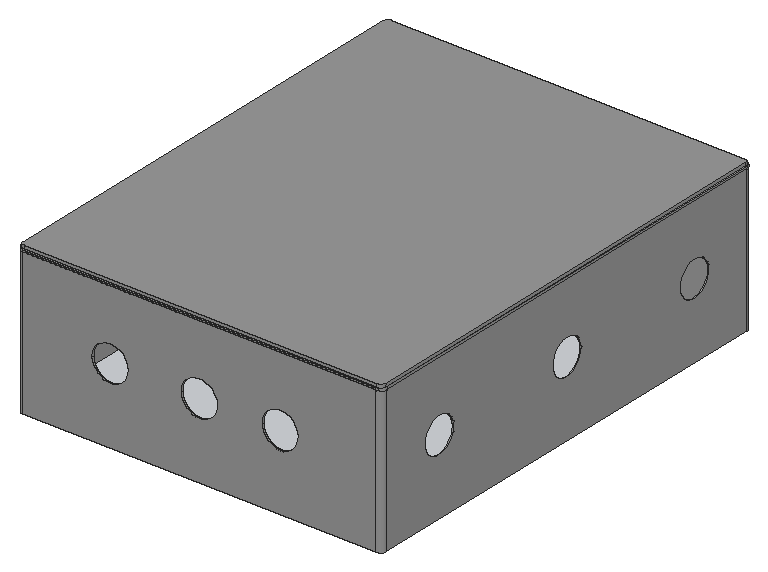
Revit family "Building-SurfaceMountingEnclosures-GEWISS-44CE-JUNCTION-BOXES-WALL-MOUNTING_12HOLES", category Apparecchi elettrici, host Superficie, Revit 2016 (continued)
Definition of nested family "Elemento di dettaglio - 44CE-12IN"
  Lines and regions (mm)
    detail lines, in view "Livello rif.", visible <- "380X300X120", not visible, detail levels fine
      curve 447: arc (1030.176, 198.437, 0) -> (1028.001, 197.535, 0) -> (1027.103, 195.357, 0) r 3.073
      curve 448: arc (1061.249, 195.364, 0) -> (1060.349, 197.537, 0) -> (1058.176, 198.437, 0) r 3.073
      curve 449: line (1061.249, 195.364, 0) -> (1061.249, 192.949, 0)
      curve 450: line (1027.103, 195.357, 0) -> (1027.103, 192.949, 0)
      curve 451: line (992.23, 195.364, 0) -> (992.23, 192.949, 0)
      curve 452: line (890.304, 195.357, 0) -> (890.304, 192.949, 0)
      curve 453: line (924.45, 195.364, 0) -> (924.45, 192.949, 0)
      curve 454: line (958.084, 195.357, 0) -> (958.084, 192.949, 0)
      curve 457: line (927.149, -209.666, 0) -> (899.15, -209.666, 0)
      curve 458: line (896.084, -206.6, 0) -> (896.084, -204.178, 0)
      curve 459: line (958.084, -206.6, 0) -> (958.084, -204.178, 0)
      curve 460: line (958.084, -204.178, 0) -> (956.934, -204.178, 0)
      curve 461: line (961.15, -209.666, 0) -> (989.149, -209.666, 0)
      curve 462: line (930.23, -206.593, 0) -> (930.23, -204.178, 0)
      curve 463: line (992.228, -206.415, 0) -> (992.228, -204, 0)
      curve 464: line (1023.15, -209.666, 0) -> (1051.149, -209.666, 0)
      curve 465: line (1020.084, -206.6, 0) -> (1020.084, -204.178, 0)
      curve 466: line (1054.23, -206.593, 0) -> (1054.23, -204.178, 0)
      curve 467: line (814.213, 82.486, 0) -> (816.62, 82.486, 0)
      curve 468: line (814.205, 48.34, 0) -> (816.62, 48.34, 0)
      curve 469: line (814.205, 11.486, 0) -> (816.62, 11.486, 0)
      curve 470: line (814.198, -22.66, 0) -> (816.62, -22.66, 0)
      curve 471: line (814.547, -59.514, 0) -> (816.961, -59.514, 0)
      curve 472: line (814.54, -93.66, 0) -> (816.961, -93.66, 0)
      curve 473: line (811.132, 8.405, 0) -> (811.132, -19.594, 0)
      curve 474: line (811.474, -62.595, 0) -> (811.474, -90.594, 0)
      curve 475: line (811.132, 51.406, 0) -> (811.132, 79.405, 0)
      curve 480: line (1139.181, 8.413, 0) -> (1139.181, -19.587, 0)
      curve 481: line (1139.065, -62.587, 0) -> (1139.065, -90.587, 0)
      curve 482: line (1135.984, -93.66, 0) -> (1133.577, -93.66, 0)
      curve 483: line (1135.992, -59.514, 0) -> (1133.577, -59.514, 0)
      curve 484: line (1136.101, -22.66, 0) -> (1133.693, -22.66, 0)
      curve 485: line (1139.181, 51.413, 0) -> (1139.181, 79.413, 0)
      curve 486: line (1136.108, 11.486, 0) -> (1133.693, 11.486, 0)
      curve 487: line (1136.108, 48.34, 0) -> (1133.693, 48.34, 0)
      curve 490: line (1133.693, 82.486, 0) -> (1136.115, 82.486, 0)
      curve 491: line (1136.115, 82.486, 0) -> (1133.693, 82.486, 0)
      curve 492: line (921.377, 198.437, 0) -> (893.377, 198.437, 0)
      curve 493: line (961.157, 198.437, 0) -> (989.157, 198.437, 0)
      curve 494: line (1030.176, 198.437, 0) -> (1058.176, 198.437, 0)
Definition of nested family "CASSDERIVAZPARPASS"
  Parameters (values of type "CASSETTA")
    SIMBOLO ACCESO [instance] = yes
    Distanza dal muro [instance] = 0 mm
    BORDO ACCESO [instance] = yes
  Reference planes
    plane 1: y = 0
    plane 2: x = 0
  Dimensions and locks
    "Distanza dal muro": plane 1 to nested 1
    aligned and locked: plane 2 to nested 1
  Nested families
    nested 1: "CASSDERIVAZPARPASS_BASE" at (0, 0, 0), BORDO ACCESO <- "BORDO ACCESO", SIMBOLO ACCESO <- "SIMBOLO ACCESO", type "COPRIFORO"
      with BORDO ACCESO yes
  Definition of nested family "CASSDERIVAZPARPASS_BASE"
    Parameters (values of type "COPRIFORO")
      SIMBOLO ACCESO [instance] = yes
      Distanza dal muro = 4.208 mm
      BORDO ACCESO [instance] = yes
    Reference planes
      plane 1: y = 0
      plane 2: x = 0
    Lines and regions (mm)
      detail lines, visible <- "BORDO ACCESO"
        curve 1: line (-1, 2.5, 0) -> (1, 2.5, 0)
        curve 2: line (1, 2.5, 0) -> (1, 0, 0)
        curve 3: line (1, 0, 0) -> (-1, 0, 0)
        curve 4: line (-1, 0, 0) -> (-1, 2.5, 0)
        curve 5: line (-0.9, 2.4, 0) -> (0.9, 2.4, 0)
        curve 6: line (0.9, 2.4, 0) -> (0.9, 0.1, 0)
        curve 7: line (0.9, 0.1, 0) -> (-0.9, 0.1, 0)
        curve 8: line (-0.9, 0.1, 0) -> (-0.9, 2.4, 0)
      detail lines, visible <- "BORDO ACCESO", not visible
        curve 9: line (-2.443, 10.208, 0) -> (2.057, 10.208, 0)
        curve 10: line (2.057, 10.208, 0) -> (2.057, 4.208, 0)
        curve 11: line (2.057, 4.208, 0) -> (-2.443, 4.208, 0)
        curve 12: line (-2.443, 4.208, 0) -> (-2.443, 10.208, 0)
        curve 13: line (-2.043, 9.808, 0) -> (1.657, 9.808, 0)
        curve 14: line (1.657, 9.808, 0) -> (1.657, 4.608, 0)
        curve 15: line (1.657, 4.608, 0) -> (-2.043, 4.608, 0)
        curve 16: line (-2.043, 4.608, 0) -> (-2.043, 9.808, 0)
      detail lines, visible <- "SIMBOLO ACCESO"
        curve 17: line (-0.7, 1.95, 0) -> (0.7, 1.95, 0)
        curve 18: line (-0.7, 0.55, 0) -> (-0.7, 1.95, 0)
        curve 19: line (0.7, 0.55, 0) -> (-0.7, 0.55, 0)
        curve 20: line (0.7, 1.95, 0) -> (0.7, 0.55, 0)
        curve 21: circle (0, 1.25, 0) r 0.1 normal (0, 0, 1)
        curve 22: line (0.7, 1.568, 0) -> (0.891, 1.568, 0)
        curve 23: line (0.7, 0.933, 0) -> (0.891, 0.933, 0)
        curve 24: line (-0.7, 1.568, 0) -> (-0.891, 1.568, 0)
        curve 25: line (-0.7, 0.933, 0) -> (-0.891, 0.933, 0)
    Dimensions and locks
      aligned and locked: curve 3 to plane 1
Types (6, lengths in mm): name | Type of material | Technical sheet | Internal dim. LxHxD (mm) | Immagine tipo | Modello | IDT | Glow Wire Test | Entries No. holes / Ã˜ | EAN code | Lunghezza_interna | Larghezza_interna | Spessore | Dettaglio | Descrizione | Application | Accessories for insulation restoring
  GW44008 - JUNCTION BOX+C.GLANDS 240X190X90 IP55 | "Halogen-free in compliance with EN 60754-2" | "https://www.gewiss.com/ww/en/search?q=GW44008" | "240x190x90" | GW44008.jpg | "GW44008" | "c61c3234-3fd1-4060-a996-88f60ccef6f3" | "650°C" | "12 / 37" | "8011564013735" | 190 | 240 | 90 | Elemento di dettaglio - 44CE-12IN : 240X190X90 | "JUNCTION BOX+C.GLANDS 240X190X90 IP55" | "Ordinary junctions" | "GW44621, GW44622"
  GW44009 - JUNCTION BOX+C.GLANDS 300X220X120 IP55 | "Halogen-free in compliance with EN 60754-2" | "https://www.gewiss.com/ww/en/search?q=GW44009" | "300x220x120" | GW44009.jpg | "GW44009" | "d0e539f7-cf0f-4e1d-bb18-32b37df9ff42" | "650°C" | "12 / 48" | "8011564013742" | 220 | 300 | 120 | Elemento di dettaglio - 44CE-12IN : 300X220X120 | "JUNCTION BOX+C.GLANDS 300X220X120 IP55" | "Ordinary junctions" | "GW44621, GW44622"
  GW44010 - JUNCTION BOX+C.GLANDS 380X300X120 IP55 | "Halogen-free in compliance with EN 60754-2" | "https://www.gewiss.com/ww/en/search?q=GW44010" | "380x300x120" | GW44010.jpg | "GW44010" | "74dc6af8-f487-4da6-9d32-a0c44a990d51" | "650°C" | "12 / 48" | "8011564013759" | 300 | 380 | 120 | Elemento di dettaglio - 44CE-12IN : 380X300X120 | "JUNCTION BOX+C.GLANDS 380X300X120 IP55" | "Ordinary junctions" | "GW44621, GW44623"
  GW44058 - JUNCT.BOX GL.240X190X90 IP55 GWT 960°C | "" | "https://www.gewiss.com/ww/en/search?q=GW44058" | "240x190x90" | GW44058.jpg | "GW44058" | "6e753251-cb42-4a49-abe7-4129d7891e02" | "960°C" | "12 / 37" | "8011564180376" | 190 | 240 | 90 | Elemento di dettaglio - 44CE-12IN : 240X190X90 | "JUNCT.BOX GL.240X190X90 IP55 GWT 960°C" | "Special uses" | "GW44621, GW44622"
  GW44059 - JUNCT.BOX GL.300X220X120 IP55 GWT960 | "" | "https://www.gewiss.com/ww/en/search?q=GW44059" | "300x220x120" | GW44059.jpg | "GW44059" | "8ff94f13-9ba9-48f5-a66d-97f40342ea02" | "960°C" | "12 / 48" | "8011564243842" | 220 | 300 | 120 | Elemento di dettaglio - 44CE-12IN : 300X220X120 | "JUNCT.BOX GL.300X220X120 IP55 GWT960" | "Special uses" | "GW44621, GW44622"
  GW44060 - JUNCT.BOX GL.380X300X120 IP55 GWT960 | "" | "https://www.gewiss.com/ww/en/search?q=GW44060" | "380x300x120" | GW44060.jpg | "GW44060" | "3c1c6504-ca7d-486c-980e-388c46ab8b09" | "960°C" | "12 / 48" | "8011564243859" | 300 | 380 | 120 | Elemento di dettaglio - 44CE-12IN : 380X300X120 | "JUNCT.BOX GL.380X300X120 IP55 GWT960" | "Special uses" | "GW44621, GW44623"
